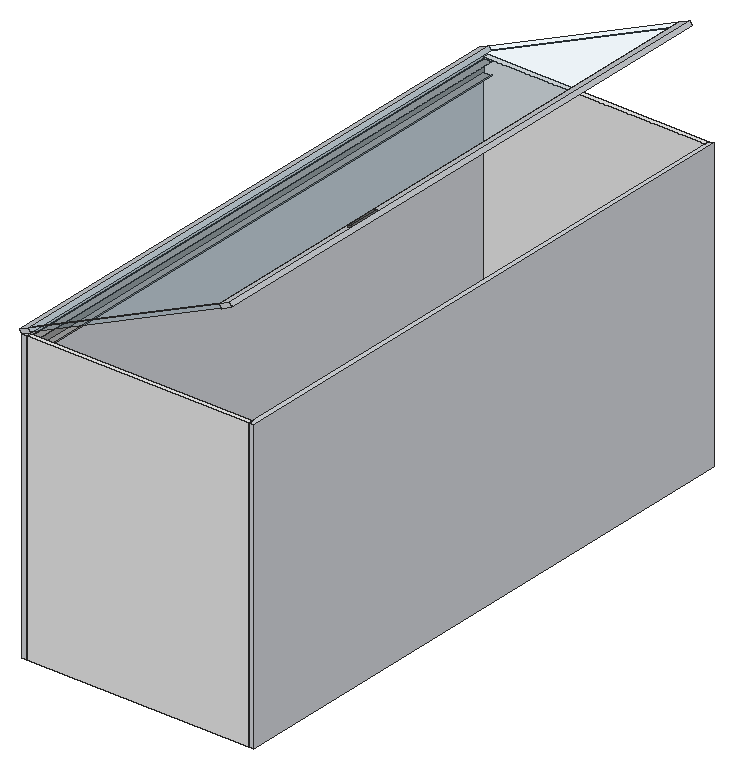
Revit family "Domotics-NetworkCabling-GEWISS-CABINETS_FLOOR-MOUNTED_19_42U_D1000", category Apparecchi elettrici, host Superficie, Revit 2019
Family settings
  Host = Superficie
  Mantenere orientamento annotazione = Sì
  Quota connettore circolare = Usa diametro
  Tipo di parte = Normale
  Numero OmniClass = 23.80.30.00
  Titolo OmniClass = Distribution Devices
  Taglio con vuoti quando caricato = No
  Condiviso = No
  Punto di calcolo locali = Sì
Parameters (values of type "GW38464 - FLOOR RACK CABINET 19 42U 800x1000MM")
  simbolo in pianta [instance] = yes
  n_poli = 1
  barra din = yes
  Visibilità sportello [instance] = yes
  Version file RFA = "21.2"
  URL = "https://www.gewiss.com/ww/en"
  Type of door = "Reversible"
  Technical sheet = "https://www.gewiss.com/ww/en/search?q=GW38464"
  Static load capacity = "1000KG"
  SEO = "Cabinet"
  Realized by GEWISS S.p.A. = ""
  Prospetto di default = 900 mm
  Produttore = "GEWISS S.p.A."
  Outer dim. LxHxD (mm) = "800x1985x1000"
  Nome quadro [instance] = "n.quadro"
  No. uprights = "4"
  Modello = "GW38464"
  Material = "Steel"
  Immagine tipo = C.jpg
  IP degree = "IP20"
  IDT = "017e6788ea39401680f70cb0f23b113b"
  IDF = "f433d734-ef80-4edb-b708-797488f8481d"
  Finishing = "Textured"
  Electrocod = "3752"
  Door opening = "135°"
  Distanza_x [instance] = 300 mm
  Distanza simbolo [instance] = 0 mm
  Distanza effettiva x [instance] = 1000 mm - Distanza_x  # 700 mm
  Descrizione = "FLOOR RACK CABINET 19 42U 800x1000MM"
  Depth (mm) = "1000 mm"
  Colour = "Grey (RAL 7035)"
  Category = "19” floor-standing cabinet"
  Catalogue = "DOMOTICS"
  Cabling unity = "42U"
  COBie.Tagnumber = ""
  COBie.CreatedOn = ""
  COBie.CreatebBy = ""
  COBie.ComponentRegisterItemID = ""
  COBie.Component.TagNumber = ""
  COBie.Component.Space = ""
  COBie.Component.SerialNumber = ""
  COBie.Component.InstallationDate = ""
  COBie.Component.Description = ""
  COBie.Component.BarCode = ""
  Apertura [instance] = 25.00°
Reference planes
  plane 1 "Centro (Fronte/Retro)": y = 0
  plane 2: z = 0
  plane 3 "Centro (Sinistra/Destra)": x = 0
  plane 4: x = -1380.34
  plane 5: x = -680.34
Forms (mm)
  Extrusion 1, solid, detail levels coarse
    sketch origin (0, 0, 0) x (1, 0, 0) y (0, 1, 0)
      loop
        line (783.5, 0) -> (783.5, 1985) -> (-16.5, 1985) -> (-16.5, 0) -> (783.5, 0)
    from 0 to 600
Dimensions and locks
  plane 4 to plane 3 "Centro (Sinistra/Destra)" = 1380.34 mm
  "Distanza effettiva x": plane 4 to plane 5
  aligned and locked: host face to plane 2
  aligned and locked: host face to level
  aligned and locked: plane 1 "Centro (Fronte/Retro)" to nested 1
  aligned and locked: nested 2 to plane 5
  aligned and locked: Extrusion 1 sketch curve to nested 1  (x4)
  aligned and locked: plane 3 "Centro (Sinistra/Destra)" to nested 1
  aligned and locked: nested 1 to host face
Automatic sketch dimensions
  host sketch curve to host sketch curve = 3398.537 mm
  host sketch curve to host sketch curve = 3619.2 mm
Nested families
  nested 1: "DATACENTER ARMADIO PARETE 42U P1000mm.rfa_BASE" at (-16.5, 0, 0), Apertura <- "Apertura", Sportello <- "Visibilità sportello", visible <- "Visibilità sportello", Barra din <- "barra din", Sportello visibile <- "Visibilità sportello", type "DATACENTER ARMADIO PARETE 42U P1000mm.rfa_BASE", detail levels medium+fine
    with Sportello visibile yes, Sportello yes, Barra din yes, Apertura 25.00°
  nested 2: "DATACENTERsimbolo" at (-680.34, 911.19, 0), Distanza dal muro <- "Distanza simbolo", SIMBOLO ACCESO <- "simbolo in pianta", visible <- "simbolo in pianta", type "3P"
    with SIMBOLO ACCESO yes, Distanza dal muro 0 mm
Connectors
  electrical at (383.5, 992.5, 0), driven by "n_poli"
    settings: on nested 1, index 1, voltage 0 V, apparent load 0 VA, apparent load phase1 0 VA, apparent load phase2 0 VA, apparent load phase3 0 VA, power factor 1, load classification "Altro", number of poles 1, system type 31, power factor state 1, is connector primary yes, connector utility no, sub classification motor no, connector description ""
Definition of nested family "DATACENTER ARMADIO PARETE 42U P1000mm.rfa_BASE"
  Parameters (values of type "DATACENTER ARMADIO PARETE 42U P1000mm.rfa_BASE")
    Struttura = none
    Sportello_vetro = none
    Sportello visibile [instance] = yes
    Sportello lato = none
    Sportello [instance] = yes
    Profondità quadro = 1000 mm  # constant formula
    L_quadro = 800 mm  # constant formula
    Barra din [instance] = yes
    Altezza quadro = 1985 mm  # constant formula
    Apertura [instance] = 32.00°
  Reference planes
    plane 1 "Centro (Fronte/Retro)": y = 0
    plane 2: z = 0
    plane 3 "Centro (Sinistra/Destra)": x = 0
    plane 4: x = 800
    plane 5: y = 1985
    plane 6: x = 16.5
    plane 7: y = 1968.5
    plane 8: y = 16.5
    plane 9: x = 783.5
    plane 10: z = 1000
    plane 11: z = 16.5
    plane 12: x = 46.5
    plane 13: x = 18.5
    plane 14: z = 996
    plane 15: z = 951
    plane 16: z = 994
    plane 17: x = 20.5
    plane 18: z = 953
    plane 19: x = 44.5
    plane 20: z = 18.5
    plane 21: z = 63.5
    plane 22: z = 61.5
    plane 23: z = 20.5
  Forms (mm)
    Extrusion 1, solid, material <- "Struttura"
      sketch origin (0, 0, 0) x (1, 0, 0) y (0, 1, 0)
        loop
          line (16.5, 1968.5) -> (783.5, 1968.5) -> (783.5, 1985) -> (16.5, 1985) -> (16.5, 1968.5)
      from 0 to 1000
    Extrusion 2, solid
      sketch origin (0, 0, 0) x (1, 0, 0) y (0, 1, 0)
        loop
          line (16.5, 1968.5) -> (16.5, 16.5) -> (783.5, 16.5) -> (783.5, 1968.5) -> (16.5, 1968.5)
      from 0 to 16.5
    Extrusion 3, solid
      sketch origin (458.466, 0, 1286.482) x (-0.848048, 0, -0.529919) y (0, -1, 0)
        loop
          line (-259.386, 0) -> (-259.386, -1985) -> (-220.759, -1985) -> (-220.759, 0) -> (-259.386, 0)
        loop
          line (540.614, -1985) -> (540.614, 0) -> (506.604, 0) -> (506.604, -1985) -> (540.614, -1985)
      from 0 to 15
    Extrusion 4, solid, material <- "Sportello_vetro", visible <- "Sportello visibile"
      sketch origin (458.466, 0, 1286.482) x (-0.848048, 0, -0.529919) y (0, -1, 0)
        loop
          line (506.604, 0) -> (-220.759, 0) -> (-220.759, -1985) -> (506.604, -1985) -> (506.604, 0)
      from 0 to 15
    Extrusion 5, solid
      sketch origin (0, 0, 0) x (1, 0, 0) y (0, 1, 0)
        loop
          line (0, 1985) -> (0, 0) -> (16.5, 0) -> (16.5, 1985) -> (0, 1985)
        loop
          line (800, 0) -> (800, 1985) -> (783.5, 1985) -> (783.5, 0) -> (800, 0)
      from 0 to 1000
    Extrusion 6, solid, material <- "Struttura"
      sketch origin (0, 400, 0) x (1, 0, 0) y (0, 1, 0)
        loop
          line (16.5, -383.5) -> (16.5, -400) -> (783.5, -400) -> (783.5, -383.5) -> (16.5, -383.5)
      from 0 to 1000
    Extrusion 7, solid
      sketch origin (458.466, 0, 1286.482) x (-0.848048, 0, -0.529919) y (0, -1, 0)
        loop
          line (-234.386, -647.5) -> (-234.386, -537.5) -> (-249.386, -537.5) -> (-249.386, -647.5) -> (-234.386, -647.5)
      from 2.698 to 17.686
    Extrusion 8, solid, visible <- "Barra din"
      sketch origin (0, 0, 0) x (1, 0, 0) y (0, 0, 1)
        loop
          line (46.5, 996) -> (18.5, 996) -> (18.5, 951) -> (46.5, 951) -> (46.5, 953) -> (20.5, 953) -> (20.5, 994) -> (46.5, 994) -> (46.5, 996)
      from -1968.5 to -16.5
    Extrusion 9, solid, visible <- "Barra din"
      sketch origin (0, 0, 600) x (1, 0, 0) y (0, 0, 1)
        loop
          line (46.5, -581.5) -> (46.5, -579.5) -> (20.5, -579.5) -> (20.5, -538.5) -> (46.5, -538.5) -> (46.5, -536.5) -> (18.5, -536.5) -> (18.5, -581.5) -> (46.5, -581.5)
      from -1968.5 to -16.5
  Lines and regions (mm)
    reference lines
      curve 1: line (458.466, 0, 1286.482) -> (0, 0, 1000)
  Dimensions and locks
    "L_quadro": plane 3 "Centro (Sinistra/Destra)" to plane 4
    "Altezza quadro": plane 1 "Centro (Fronte/Retro)" to plane 5
    locked: plane 5 to plane 7 at 16.5
    locked: plane 9 to plane 4 at 16.5
    locked: plane 3 "Centro (Sinistra/Destra)" to plane 6 at 16.5
    locked: plane 1 "Centro (Fronte/Retro)" to plane 8 at 16.5
    "Profondità quadro": plane 10 to plane 2
    locked: plane 11 to level at 16.5
    locked: plane 6 to plane 12 at 30
    locked: Extrusion 3 sketch curve to Extrusion 3 sketch curve at 38.628
    locked: Extrusion 3 sketch curve to Extrusion 3 sketch curve at 34.009
    "L_quadro": Extrusion 3 sketch curve to Extrusion 3 sketch curve
    "Altezza quadro": Extrusion 3 sketch curve to Extrusion 3 sketch curve  (x2)
    "Altezza quadro": Extrusion 4 sketch curve to Extrusion 4 sketch curve
    Extrusion 7 sketch curve to Extrusion 7 sketch curve = 15 mm
    Extrusion 3 to Extrusion 3 = 1985 mm
    locked: plane 13 to plane 6 at 2
    locked: plane 10 to plane 14 at 4
    locked: plane 14 to plane 16 at 2
    locked: plane 18 to plane 15 at 2
    locked: plane 14 to plane 15 at 45
    locked: plane 23 to plane 20 at 2
    "Apertura": angle plane 10 to curve 1
    aligned and locked: level to plane 2
    aligned and locked: Extrusion 1 sketch curve to plane 7
    aligned and locked: Extrusion 1 sketch curve to plane 5
    aligned and locked: Extrusion 1 sketch curve to plane 6
    aligned and locked: plane 9 to Extrusion 1 sketch curve
    aligned and locked: plane 10 to Extrusion 1
    aligned and locked: Extrusion 2 sketch curve to plane 6
    aligned and locked: Extrusion 2 sketch curve to plane 7
    aligned and locked: Extrusion 2 sketch curve to plane 9
    aligned and locked: Extrusion 2 sketch curve to plane 8
    aligned and locked: plane 11 to Extrusion 2
    aligned and locked: curve 1 to Extrusion 1
    aligned and locked: plane 10 to curve 1
    aligned and locked: Extrusion 3 sketch curve to plane 5
    aligned and locked: Extrusion 3 sketch curve to plane 1 "Centro (Fronte/Retro)"
    aligned and locked: Extrusion 4 sketch curve to curve 1
    aligned and locked: Extrusion 4 sketch curve to Extrusion 3  (x2)
    aligned and locked: Extrusion 5 sketch curve to plane 3 "Centro (Sinistra/Destra)"
    aligned and locked: Extrusion 5 sketch curve to plane 6
    aligned and locked: Extrusion 5 sketch curve to plane 4
    aligned and locked: Extrusion 5 sketch curve to plane 9
    aligned and locked: Extrusion 5 sketch curve to plane 5
    aligned and locked: Extrusion 5 sketch curve to plane 1 "Centro (Fronte/Retro)"
    aligned and locked: plane 10 to Extrusion 5
    aligned and locked: plane 8 to Extrusion 6 sketch curve
    aligned and locked: plane 1 "Centro (Fronte/Retro)" to Extrusion 6 sketch curve
    aligned and locked: plane 9 to Extrusion 6 sketch curve
    aligned and locked: plane 6 to Extrusion 6 sketch curve
    aligned and locked: Extrusion 8 sketch curve to plane 14
    aligned and locked: Extrusion 8 sketch curve to plane 13
    aligned and locked: Extrusion 8 sketch curve to plane 15
    aligned and locked: Extrusion 8 sketch curve to plane 18
    aligned and locked: Extrusion 8 sketch curve to plane 17
    aligned and locked: Extrusion 8 sketch curve to plane 12
    aligned and locked: Extrusion 8 sketch curve to plane 16
    aligned and locked: Extrusion 8 to Extrusion 1
    aligned and locked: Extrusion 8 to Extrusion 6
    aligned and locked: plane 21 to Extrusion 9 sketch curve
    aligned and locked: plane 22 to Extrusion 9 sketch curve
    aligned and locked: plane 23 to Extrusion 9 sketch curve
    aligned and locked: plane 20 to Extrusion 9 sketch curve
    aligned and locked: plane 17 to Extrusion 9 sketch curve
    aligned and locked: plane 13 to Extrusion 9 sketch curve
    aligned and locked: Extrusion 2 to Extrusion 9
    aligned and locked: Extrusion 9 to Extrusion 1
    aligned and locked: Extrusion 6 to Extrusion 1
  Automatic sketch dimensions
    plane 1 "Centro (Fronte/Retro)" to Extrusion 5 sketch curve = 0 mm
    Extrusion 5 sketch curve to plane 5 = 0 mm
    Extrusion 8 sketch curve to plane 12 = 0 mm
    Extrusion 9 sketch curve to plane 12 = 0 mm  (x2)
    Extrusion 7 sketch curve to curve 1 = 249.386 mm
    Extrusion 7 sketch curve to Extrusion 7 sketch curve = 15 mm
    Extrusion 7 sketch curve to curve 1 = 647.5 mm
    Extrusion 7 sketch curve to Extrusion 7 sketch curve = 110 mm
    curve 1 to plane 3 "Centro (Sinistra/Destra)" = 0 mm
    Extrusion 3 sketch curve to curve 1 = 0 mm
Definition of nested family "DATACENTERsimbolo"
  Parameters (values of type "3P")
    SIMBOLO ACCESO [instance] = yes
    Distanza dal muro [instance] = 0 mm
  Reference planes
    plane 1: y = 0
    plane 2: x = 0
  Dimensions and locks
    "Distanza dal muro": plane 1 to nested 1
    aligned and locked: plane 2 to nested 1
  Nested families
    nested 1: "DATACENTERsimbolo.base" at (0, 0, 0), type "3P"
      with CORNICE SIMBOLO yes
  Definition of nested family "DATACENTERsimbolo.base"
    Parameters (values of type "3P")
      Testo = ""
      CORNICE SIMBOLO [instance] = yes
      3P = yes
    Reference planes
      plane 1: y = 0
      plane 2: x = 0
    Lines and regions (mm)
      detail lines
        curve 1: line (6.852, 3.426, 0) -> (8.859, 3.426, 0)
        curve 2: line (8.859, 3.426, 0) -> (8.859, 0, 0)
        curve 3: line (8.859, 0, 0) -> (6.852, 0, 0)
        curve 4: line (6.852, 0, 0) -> (0, 3.426, 0)
        curve 5: line (0, 3.426, 0) -> (3.027, 3.426, 0)
        curve 6: line (3.027, 3.426, 0) -> (6.852, 3.426, 0)
        curve 7: line (6.852, 3.426, 0) -> (6.852, 0, 0)
        curve 8: line (6.852, 0, 0) -> (0, 0, 0)
        curve 9: line (0, 0, 0) -> (0, 3.426, 0)
        curve 10: line (7.856, 1.713, 0) -> (7.856, 2.67, 0)
        curve 11: line (8.526, 0.756, 0) -> (8.526, 1.713, 0)
        curve 12: line (8.526, 1.713, 0) -> (7.185, 1.713, 0)
        curve 13: line (7.185, 1.713, 0) -> (7.185, 0.756, 0)
    Text (mm)
      label "RJ" at (7.87, 1.29, 0), shows "Testo"
    Nested families
      nested 1: "testo_simb" at (7.89, 1.134, 0), type "3P"
        with SIMBOLO ACCESO yes, Distanza dal muro 0 mm
      nested 2: "testo_simb" at (7.855, 0, 0), type "3P"
        with SIMBOLO ACCESO yes, Distanza dal muro 0 mm
      nested 3: "testo_simb" at (7.855, 0, 0), type "3P"
        with SIMBOLO ACCESO yes, Distanza dal muro 0 mm
      nested 4: "testo_simb" at (7.855, 0, 0), type "3P"
        with SIMBOLO ACCESO yes, Distanza dal muro 0 mm
      nested 5: "testo_simb" at (7.855, 0, 0), type "3P"
        with SIMBOLO ACCESO yes, Distanza dal muro 0 mm
    Definition of nested family "testo_simb"
      Parameters (values of type "3P")
        testo simb = ""
        SIMBOLO ACCESO [instance] = yes
        Distanza dal muro [instance] = 0 mm
      Reference planes
        plane 1: y = 0
        plane 2: x = 0
      Text (mm)
        label "RJ" at (0.02, 0.123, 0), shows "testo simb"
